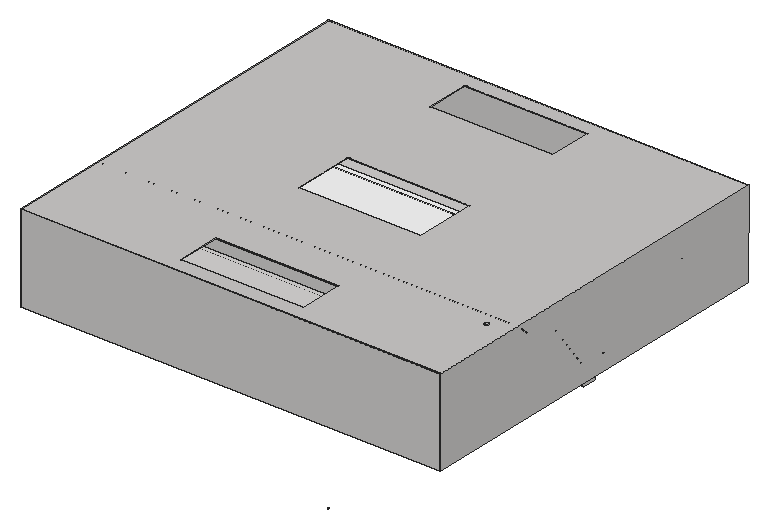
Revit family "QF_ELECTROLUXPROFESSIONAL_641267_STCF2224", category Specialty Equipment, Revit 2014
Reference planes
  plane 1: z = 0
  plane 2 "Center (Left/Right)": x = 150
  plane 3 "LEFT": x = -1050
  plane 4 "RIGHT": x = 1350
  plane 5 "BACK": y = 550
  plane 6 "TOP": z = 2500
  plane 7 "Base": z = 2000
  plane 8: z = 1955
  plane 9: x = -1047
  plane 10 "DrainX": x = 1230
  plane 11 "AOLeft2": x = 500
  plane 12: x = 1347
  plane 13: x = -850
  plane 14: x = 1150
  plane 15 "Center (Front/Back)": y = -550
  plane 16 "Front": y = -1650
  plane 17 "AOLeft1": x = -200
  plane 18 "EI_y": y = -1170
  plane 19 "EIx": x = 1230
  plane 20: y = 464
  plane 21: y = 214
  plane 22: y = -1564
  plane 23: y = -1314
  plane 24: y = -375
  plane 25: y = -725
Forms (mm)
  Extrusion 1, solid, material "QF_Finishes_Stainless Steel"
    sketch origin (-1050, 0, 360) x (0, 1, 0) y (0, 0, 1)
      loop
        line (550, 1640) -> (550, 2140) -> (-1650, 2140) -> (-1650, 1640) -> (550, 1640)
    from 0 to 3
  Extrusion 2, solid, material "QF_Finishes_Stainless Steel"
    sketch origin (1350, 0, 360) x (0, 1, 0) y (0, 0, 1)
      loop
        line (550, 1640) -> (550, 2140) -> (-1650, 2140) -> (-1650, 1640) -> (550, 1640)
    from 0 to -3
  Extrusion 3, solid, material "QF_Finishes_Stainless Steel"
    sketch origin (150, 0, 360) x (0, 1, 0) y (0, 0, 1)
      loop
        line (-1650, 2140) -> (-1650, 1640) -> (-1640, 1640) -> (-1640, 1640.8) -> (-1649.2, 1640.8) -> (-1649.2, 2139.19) -> (549.2, 2139.19) -> (549.2, 1640.8) -> (540, 1640.8) -> (540, 1640) -> (550, 1640) -> (550, 2140) -> (-1650, 2140)
    from -1200 to 1200
  Extrusion 4, solid, material "QF_Finishes_Stainless Steel"
    sketch origin (0, -840, 2000) x (0, 1, 0) y (-1, 0, 0)
      loop
        circle (290, -1230) r 4.763
    from -30 to 0
  Extrusion 5, void
    sketch origin (0, 0, 2500) x (0, 1, 0) y (-1, 0, 0)
      loop
        line (-1564, -500) -> (-1314, -500) -> (-1314, 200) -> (-1564, 200) -> (-1564, -500)
    from 0 to -10
  Extrusion 6, solid, material "QF_Finishes_Stainless Steel"
    sketch origin (0, 0, 0) x (1, 0, 0) y (0, 1, 0)
      loop
        line (-1050, 550) -> (-1050, 549) -> (-1049, 549) -> (-1049, 550) -> (-1050, 550)
    from 0 to 1
  Sweep 7, solid, material "QF_Finishes_Stainless Steel"
    path origin (0, 0, 0) x (1, 0, 0) y (0, 1, 0)
      loop
        line (1350, 550) -> (-1050, 550) -> (-1050, -1650) -> (1350, -1650) -> (1350, 550)
    profile origin (1350, -550, 0) x (1, 0, 0) y (0, 0, 1)
      loop
        line (-3, 2000) -> (-3, 2000.8) -> (-19, 2000.8) -> (-19, 2010) -> (-20, 2010) -> (-20, 2000) -> (-3, 2000)
  Extrusion 8, solid, material "QF_Finishes_Stainless Steel"
    sketch origin (150, -636.588, -19.176) x (0, 0.995194, 0.097925) y (0, -0.097925, 0.995194)
      loop
        line (214.66, 2095.469) -> (240.643, 2110.471) -> (61.744, 2411.771) -> (35.948, 2396.455) -> (214.66, 2095.469)
    from -1197 to -1000
  Extrusion 9, solid, material "QF_Finishes_Stainless Steel"
    sketch origin (1230, -840, 0) x (0, 1, 0) y (0, 0, 1)
      loop
        line (339, 2000) -> (241, 2000) -> (241, 1989) -> (248.5, 1989) -> (248.5, 1965)
        arc (248.5, 1965) -> (251.429, 1957.929) -> (258.5, 1955) r 10
        line (258.5, 1955) -> (321.5, 1955)
        arc (321.5, 1955) -> (328.571, 1957.929) -> (331.5, 1965) r 10
        line (331.5, 1965) -> (331.5, 1989) -> (339, 1989) -> (339, 2000)
    from 90 to -90
  Extrusion 10, solid, material "QF_Finishes_Stainless Steel"
    sketch origin (150, -636.588, -19.176) x (0, 0.995194, 0.097925) y (0, -0.097925, 0.995194)
      loop
        line (214.66, 2095.469) -> (240.643, 2110.471) -> (61.744, 2411.771) -> (35.948, 2396.455) -> (214.66, 2095.469)
    from 1000 to 1197
  Extrusion 11, solid, material "QF_Finished_Chrome"
    sketch origin (150, -636.588, -19.176) x (0, 0.995194, 0.097925) y (0, -0.097925, 0.995194)
      loop
        line (214.66, 2095.469) -> (240.643, 2110.471) -> (61.744, 2411.771) -> (35.948, 2396.455) -> (214.66, 2095.469)
    from -1000 to 1000
  Extrusion 12, void
    sketch origin (0, 1180, 2500) x (0, 1, 0) y (-1, 0, 0)
      loop
        line (-1555, -500) -> (-1555, 200) -> (-1905, 200) -> (-1905, -500) -> (-1555, -500)
    from 0 to -10
  Extrusion 13, solid, material "QF_Finishes_Stainless Steel"
    sketch origin (0, 0, 2500) x (0, 1, 0) y (-1, 0, 0)
      loop
        circle (-1170, -1230) r 10
    from 0 to 1.6
  Extrusion 14, solid, material "QF_LAMPS"
    sketch origin (150, -267.149, 218.369) x (0, 0.987229, -0.159309) y (0, 0.159309, 0.987229)
      loop
        line (-1250.105, 1928.62) -> (-1096.231, 2053.226) -> (-1104.529, 2063.269) -> (-1258.575, 1938.524) -> (-1250.105, 1928.62)
    from 1197 to -1197
  Extrusion 15, solid, material "QF_Finishes_Stainless Steel"
    sketch origin (150, 0, 360) x (0, 1, 0) y (0, 0, 1)
      loop
        line (-1650, 2139.19) -> (-1650, 1640) -> (-1586.602, 1640) -> (-1499.146, 1690.493) -> (-1510.058, 1709.394) -> (-1566.564, 1676.77) -> (-1614.704, 1680.982) -> (-1649.2, 1730.248) -> (-1649.2, 2139.19) -> (-1650, 2139.19)
      loop
        line (-1194.054, 1961.505) -> (-1200.838, 1972.631) -> (-1186.477, 1980.7) -> (-1186.477, 2127.391) -> (-1085.664, 2127.391) -> (-1029.871, 2072.95) -> (-1022.281, 2060.013) -> (-919.435, 2120.351) -> (-919.902, 2121.003) -> (-1021.996, 2061.107) -> (-1029.236, 2073.448) -> (-1085.338, 2128.191) -> (-1187.277, 2128.191) -> (-1187.277, 1982.446) -> (-1586.208, 1744.533) -> (-1576.362, 1728.386) -> (-1194.054, 1961.505)
    from -1197 to 1197
  Extrusion 16, void
    sketch origin (0, 814, 2500) x (0, 1, 0) y (-1, 0, 0)
      loop
        line (-600, -500) -> (-350, -500) -> (-350, 200) -> (-600, 200) -> (-600, -500)
    from 0 to -10
  Extrusion 17, solid, material "QF_Finishes_Stainless Steel"
    sketch origin (150, 0, 0) x (0, 1, 0) y (0, 0, 1)
      loop
        line (-628.158, 2087.242) -> (-603.769, 2104.716) -> (-811.314, 2387.05) -> (-835.486, 2369.281) -> (-628.158, 2087.242)
    from -1197 to -1000
  Extrusion 18, solid, material "QF_Finished_Chrome"
    sketch origin (150, 0, 0) x (0, 1, 0) y (0, 0, 1)
      loop
        line (-628.158, 2087.242) -> (-603.769, 2104.716) -> (-811.314, 2387.05) -> (-835.486, 2369.281) -> (-628.158, 2087.242)
    from -1000 to 1000
  Extrusion 19, solid, material "QF_Finishes_Stainless Steel"
    sketch origin (150, -870.88, 319.508) x (0, 0.995194, 0.097925) y (0, -0.097925, 0.995194)
      loop
        line (426.151, 1646.675) -> (483.9, 1640.993) -> (483.982, 1641.83) -> (426.613, 1647.475) -> (371.906, 1742.23) -> (414.858, 1734.657) -> (442.266, 1750.481) -> (442.266, 1765.943) -> (441.466, 1765.943) -> (441.466, 1750.943) -> (414.709, 1735.495) -> (321.153, 1751.991) -> (320.875, 1750.416) -> (371.4, 1741.507) -> (426.151, 1646.675)
      loop
        line (162.878, 2155.907) -> (242.893, 2017.316) -> (245.133, 2018.715) -> (240.13, 2027.381) -> (238.569, 2026.405) -> (163.571, 2156.307) -> (162.878, 2155.907)
    from -1197 to 1197
  Extrusion 20, solid, material "QF_Finishes_Stainless Steel"
    sketch origin (150, -463.412, -19.176) x (0, -0.995194, 0.097925) y (0, -0.097925, -0.995194)
      loop
        line (214.66, -2095.469) -> (35.948, -2396.455) -> (61.744, -2411.771) -> (240.643, -2110.471) -> (214.66, -2095.469)
    from 1000 to 1197
  Extrusion 21, solid, material "QF_Finishes_Stainless Steel"
    sketch origin (150, 0, 0) x (0, 1, 0) y (0, 0, 1)
      loop
        line (-471.842, 2087.242) -> (-264.514, 2369.281) -> (-288.686, 2387.05) -> (-496.231, 2104.716) -> (-471.842, 2087.242)
    from -1197 to -1000
  Extrusion 22, solid, material "QF_Finished_Chrome"
    sketch origin (150, 0, 0) x (0, 1, 0) y (0, 0, 1)
      loop
        line (-471.842, 2087.242) -> (-264.514, 2369.281) -> (-288.686, 2387.05) -> (-496.231, 2104.716) -> (-471.842, 2087.242)
    from -1000 to 1000
  Extrusion 23, solid, material "QF_Finishes_Stainless Steel"
    sketch origin (150, -229.12, 319.508) x (0, -0.995194, 0.097925) y (0, -0.097925, -0.995194)
      loop
        line (426.151, -1646.675) -> (371.4, -1741.507) -> (320.875, -1750.416) -> (321.153, -1751.991) -> (414.709, -1735.495) -> (441.466, -1750.943) -> (441.466, -1765.943) -> (442.266, -1765.943) -> (442.266, -1750.481) -> (414.858, -1734.657) -> (371.906, -1742.23) -> (426.613, -1647.475) -> (483.982, -1641.83) -> (483.9, -1640.993) -> (426.151, -1646.675)
      loop
        line (162.878, -2155.907) -> (163.571, -2156.307) -> (238.569, -2026.405) -> (240.13, -2027.381) -> (245.133, -2018.715) -> (242.893, -2017.316) -> (162.878, -2155.907)
    from -1197 to 1197
  Extrusion 24, solid, material "QF_LAMPS"
    sketch origin (150, -832.851, 218.369) x (0, -0.987229, -0.159309) y (0, 0.159309, -0.987229)
      loop
        line (-1250.105, -1928.62) -> (-1258.575, -1938.524) -> (-1104.529, -2063.269) -> (-1096.231, -2053.226) -> (-1250.105, -1928.62)
    from 1197 to -1197
  Extrusion 25, solid, material "QF_Finishes_Stainless Steel"
    sketch origin (150, -1100, 360) x (0, -1, 0) y (0, 0, -1)
      loop
        line (-1650, -2139.19) -> (-1649.2, -2139.19) -> (-1649.2, -1730.248) -> (-1614.704, -1680.982) -> (-1566.564, -1676.77) -> (-1510.058, -1709.394) -> (-1499.146, -1690.493) -> (-1586.602, -1640) -> (-1650, -1640) -> (-1650, -2139.19)
      loop
        line (-1194.054, -1961.505) -> (-1576.362, -1728.386) -> (-1586.208, -1744.533) -> (-1187.277, -1982.446) -> (-1187.277, -2128.191) -> (-1085.338, -2128.191) -> (-1029.236, -2073.448) -> (-1021.996, -2061.107) -> (-919.902, -2121.003) -> (-919.435, -2120.351) -> (-1022.281, -2060.013) -> (-1029.871, -2072.95) -> (-1085.664, -2127.391) -> (-1186.477, -2127.391) -> (-1186.477, -1980.7) -> (-1200.838, -1972.631) -> (-1194.054, -1961.505)
    from -1197 to 1197
Cuts and joins
  Extrusion 5, Extrusion 12, Extrusion 16 cuts Extrusion 3
  joined: Extrusion 2, Extrusion 3, Sweep 7
Lines and regions (mm)
  symbolic lines, style "SpecialityEquipment", detail levels coarse
    curve 1: line (1350, 550, 2500) -> (-1050, 550, 2500)
    curve 2: line (-1050, 550, 2500) -> (-1050, -1650, 2500)
    curve 3: line (1350, -1650, 2500) -> (1350, 550, 2500)
    curve 4: line (-1050, 550, 0) -> (1350, -1650, 0)
    curve 5: line (1350, 550, 0) -> (-1050, -1650, 0)
    curve 6: line (-1050, -1650, 0) -> (1350, -1650, 0)
  symbolic lines, detail levels coarse
    curve 7: line (-200, 464, 2500) -> (500, 464, 2500)
    curve 8: line (-200, 214, 2500) -> (-200, 464, 2500)
    curve 9: line (500, 214, 2500) -> (-200, 214, 2500)
    curve 10: line (500, 464, 2500) -> (500, 214, 2500)
    curve 11: line (-200, -375, 2500) -> (500, -375, 2500)
    curve 12: line (-200, -725, 2500) -> (-200, -375, 2500)
    curve 13: line (500, -725, 2500) -> (-200, -725, 2500)
    curve 14: line (500, -375, 2500) -> (500, -725, 2500)
    curve 15: line (-200, -1314, 2500) -> (500, -1314, 2500)
    curve 16: line (-200, -1564, 2500) -> (-200, -1314, 2500)
    curve 17: line (500, -1564, 2500) -> (-200, -1564, 2500)
    curve 18: line (500, -1314, 2500) -> (500, -1564, 2500)
Dimensions and locks
  plane 3 "LEFT" to plane 4 "RIGHT" = 2400 mm
  equal spacing: plane 3 "LEFT", plane 2 "Center (Left/Right)", plane 4 "RIGHT"
  plane 7 "Base" to plane 8 = 45 mm
  plane 3 "LEFT" to plane 9 = 3 mm
  plane 10 "DrainX" to plane 4 "RIGHT" = 120 mm
  plane 12 to plane 4 "RIGHT" = 3 mm
  plane 3 "LEFT" to plane 13 = 200 mm
  plane 14 to plane 4 "RIGHT" = 200 mm
  locked: plane 7 "Base" to level at 2000
  locked: plane 6 "TOP" to plane 7 "Base" at 500
  locked: plane 17 "AOLeft1" to plane 11 "AOLeft2" at 700
  locked: plane 18 "EI_y" to plane 16 "Front" at 480
  locked: plane 19 "EIx" to plane 4 "RIGHT" at 120
  locked: plane 5 "BACK" to plane 20 at 86
  plane 20 to plane 21 = 250 mm
  locked: plane 22 to plane 16 "Front" at 86
  locked: plane 22 to plane 23 at 250
  plane 24 to plane 15 "Center (Front/Back)" = 175 mm
  plane 15 "Center (Front/Back)" to plane 25 = 175 mm
  plane 24 to plane 25 = 350 mm
  locked: plane 5 "BACK" to plane 16 "Front" at 2200
  plane 5 "BACK" to plane 15 "Center (Front/Back)" to plane 16 "Front" = 1100 mm, 1100 mm
  plane 5 "BACK" to plane 16 "Front" = 2200 mm
  equal spacing: plane 17 "AOLeft1", plane 2 "Center (Left/Right)", plane 11 "AOLeft2"
  aligned and locked: level to plane 1
  aligned and locked: plane 4 "RIGHT" to Extrusion 3
  aligned and locked: Extrusion 3 to plane 3 "LEFT"
  aligned and locked: Extrusion 2 to plane 12
  aligned and locked: Extrusion 8 to plane 9
  aligned and locked: plane 17 "AOLeft1" to Extrusion 5
  aligned and locked: Extrusion 5 to plane 11 "AOLeft2"
  aligned and locked: plane 13 to Extrusion 8
  aligned and locked: plane 14 to Extrusion 10
  aligned and locked: plane 12 to Extrusion 10
  aligned and locked: Extrusion 11 to plane 13
  aligned and locked: Extrusion 11 to plane 14
  aligned and locked: Extrusion 12 to plane 17 "AOLeft1"
  aligned and locked: Extrusion 12 to plane 11 "AOLeft2"
  aligned and locked: plane 22 to Extrusion 5
  aligned and locked: Extrusion 5 to plane 23
  aligned and locked: Extrusion 16 to plane 17 "AOLeft1"
  aligned and locked: Extrusion 16 to plane 11 "AOLeft2"
  aligned and locked: plane 24 to Extrusion 12
  aligned and locked: Extrusion 12 to plane 25
  aligned and locked: plane 20 to Extrusion 16
  aligned and locked: Extrusion 16 to plane 21
  aligned and locked: Extrusion 15 to plane 9
  aligned and locked: Extrusion 14 to plane 9
  aligned and locked: Extrusion 14 to plane 12
  aligned and locked: Extrusion 15 to plane 12
  aligned and locked: Extrusion 25 to plane 9
  aligned and locked: Extrusion 24 to plane 9
  aligned and locked: Extrusion 23 to plane 9
  aligned and locked: plane 9 to Extrusion 17
  aligned and locked: Extrusion 19 to plane 9
  aligned and locked: plane 13 to Extrusion 17
  aligned and locked: Extrusion 22 to plane 13
  aligned and locked: plane 12 to Extrusion 19
  aligned and locked: plane 12 to Extrusion 23
  aligned and locked: plane 12 to Extrusion 25
  aligned and locked: Extrusion 20 to plane 12
  aligned and locked: plane 12 to Extrusion 24
  aligned and locked: Extrusion 18 to plane 13
  aligned and locked: Extrusion 18 to plane 14
  aligned and locked: plane 14 to Extrusion 20
  aligned and locked: Extrusion 22 to plane 14
  aligned and locked: plane 13 to Extrusion 21
  aligned and locked: Extrusion 21 to plane 9
Automatic sketch dimensions
  curve 6 to plane 3 "LEFT" = 0 mm
  curve 4 to plane 3 "LEFT" = 0 mm
  curve 5 to plane 4 "RIGHT" = 0 mm
  curve 6 to plane 4 "RIGHT" = 0 mm
  curve 4 to plane 16 "Front" = 0 mm
  curve 5 to plane 5 "BACK" = 0 mm
  curve 4 to plane 5 "BACK" = 0 mm
  Extrusion 1 sketch curve to plane 7 "Base" = 0 mm
  Extrusion 1 sketch curve to plane 16 "Front" = 0 mm
  Extrusion 1 sketch curve to plane 5 "BACK" = 0 mm
  Extrusion 1 sketch curve to plane 6 "TOP" = 0 mm
  Extrusion 2 sketch curve to plane 7 "Base" = 0 mm
  Extrusion 2 sketch curve to plane 16 "Front" = 0 mm
  Extrusion 2 sketch curve to plane 5 "BACK" = 0 mm
  Extrusion 2 sketch curve to plane 6 "TOP" = 0 mm
  Extrusion 3 sketch curve to plane 6 "TOP" = 0 mm
  Extrusion 3 sketch curve to plane 16 "Front" = 0 mm
  Extrusion 3 sketch curve to plane 7 "Base" = 0 mm  (x2)
  Extrusion 3 sketch curve to plane 5 "BACK" = 0 mm
  plane 16 "Front" to Extrusion 3 sketch curve = 0.8 mm
  Extrusion 3 sketch curve to Extrusion 3 sketch curve = 9.2 mm
  plane 7 "Base" to Extrusion 3 sketch curve = 0.8 mm  (x2)
  Extrusion 3 sketch curve to plane 5 "BACK" = 10 mm
  Extrusion 3 sketch curve to plane 5 "BACK" = 0.8 mm
  Extrusion 3 sketch curve to plane 6 "TOP" = 0.81 mm
  Extrusion 4 sketch curve to plane 10 "DrainX" = 0 mm
  Extrusion 4 sketch curve to plane 15 "Center (Front/Back)" = 0 mm
  Extrusion 5 sketch curve to plane 17 "AOLeft1" = 0 mm
  plane 22 to Extrusion 5 sketch curve = 0 mm
  Extrusion 5 sketch curve to plane 11 "AOLeft2" = 0 mm
  plane 23 to Extrusion 5 sketch curve = 0 mm
  Extrusion 6 sketch curve to plane 3 "LEFT" = 0 mm
  Extrusion 6 sketch curve to plane 5 "BACK" = 0 mm
  plane 3 "LEFT" to Extrusion 6 sketch curve = 1 mm
  Extrusion 6 sketch curve to Extrusion 6 sketch curve = 1 mm
  Sweep 7 sketch curve to plane 3 "LEFT" = 0 mm
  Sweep 7 sketch curve to plane 4 "RIGHT" = 0 mm
  Sweep 7 sketch curve to plane 16 "Front" = 0 mm
  Sweep 7 sketch curve to plane 5 "BACK" = 0 mm
  profile plane to Sweep 7 sketch curve = 20 mm
  Sweep 7 sketch curve to Sweep 7 sketch curve = 1 mm
  profile plane to Sweep 7 sketch curve = 3 mm
  level to Sweep 7 sketch curve = 2000 mm
  Sweep 7 sketch curve to Sweep 7 sketch curve = 0.8 mm
  Sweep 7 sketch curve to Sweep 7 sketch curve = 9.2 mm
  Extrusion 8 sketch curve to plane 25 = 110.486 mm
  Extrusion 8 sketch curve to plane 6 "TOP" = 130.719 mm
  Extrusion 8 sketch curve to Extrusion 8 sketch curve = 25.795 mm
  Extrusion 8 sketch curve to Extrusion 8 sketch curve = 178.712 mm
  Extrusion 8 sketch curve to Extrusion 8 sketch curve = 25.983 mm
  Extrusion 8 sketch curve to Extrusion 8 sketch curve = 285.985 mm
  Extrusion 8 sketch curve to Extrusion 8 sketch curve = 15.001 mm
  Extrusion 8 sketch curve to Extrusion 8 sketch curve = 15.316 mm
  Extrusion 9 sketch curve to plane 8 = 0 mm
  Extrusion 9 sketch curve to plane 7 "Base" = 11 mm  (x2)
  Extrusion 9 sketch curve to plane 15 "Center (Front/Back)" = 49 mm
  Extrusion 9 sketch curve to Extrusion 9 sketch curve = 7.5 mm  (x2)
  plane 8 to Extrusion 9 sketch curve = 10 mm
  plane 15 "Center (Front/Back)" to Extrusion 9 sketch curve = 31.5 mm
  Extrusion 9 sketch curve to Extrusion 9 sketch curve = 10 mm
  plane 7 "Base" to Extrusion 9 sketch curve = 0 mm
  Extrusion 10 sketch curve to plane 25 = 110.486 mm
  Extrusion 10 sketch curve to plane 6 "TOP" = 130.719 mm
  Extrusion 10 sketch curve to Extrusion 10 sketch curve = 25.795 mm
  Extrusion 10 sketch curve to Extrusion 10 sketch curve = 178.712 mm
  Extrusion 10 sketch curve to Extrusion 10 sketch curve = 25.983 mm
  Extrusion 10 sketch curve to Extrusion 10 sketch curve = 285.985 mm
  Extrusion 10 sketch curve to Extrusion 10 sketch curve = 15.001 mm
  Extrusion 10 sketch curve to Extrusion 10 sketch curve = 15.316 mm
  Extrusion 11 sketch curve to plane 25 = 110.486 mm
  Extrusion 11 sketch curve to plane 6 "TOP" = 130.719 mm
  Extrusion 11 sketch curve to Extrusion 11 sketch curve = 25.795 mm
  Extrusion 11 sketch curve to Extrusion 11 sketch curve = 178.712 mm
  Extrusion 11 sketch curve to Extrusion 11 sketch curve = 25.983 mm
  Extrusion 11 sketch curve to Extrusion 11 sketch curve = 285.985 mm
  Extrusion 11 sketch curve to Extrusion 11 sketch curve = 15.001 mm
  Extrusion 11 sketch curve to Extrusion 11 sketch curve = 15.316 mm
  Extrusion 12 sketch curve to plane 11 "AOLeft2" = 0 mm
  Extrusion 12 sketch curve to plane 25 = 0 mm
  Extrusion 12 sketch curve to plane 24 = 0 mm
  Extrusion 12 sketch curve to plane 17 "AOLeft1" = 0 mm
  Extrusion 13 sketch curve to plane 18 "EI_y" = 0 mm
  Extrusion 13 sketch curve to plane 19 "EIx" = 0 mm
  Extrusion 14 sketch curve to plane 18 "EI_y" = 30.826 mm
  Extrusion 14 sketch curve to plane 6 "TOP" = 167.362 mm
  Extrusion 14 sketch curve to Extrusion 14 sketch curve = 8.47 mm
  Extrusion 14 sketch curve to Extrusion 14 sketch curve = 154.047 mm
  Extrusion 14 sketch curve to Extrusion 14 sketch curve = 8.298 mm
  Extrusion 14 sketch curve to Extrusion 14 sketch curve = 9.904 mm
  Extrusion 14 sketch curve to Extrusion 14 sketch curve = 124.605 mm
  Extrusion 14 sketch curve to Extrusion 14 sketch curve = 10.043 mm
  Extrusion 15 sketch curve to plane 16 "Front" = 0 mm
  Extrusion 15 sketch curve to plane 7 "Base" = 0 mm
  plane 16 "Front" to Extrusion 15 sketch curve = 0.8 mm
  plane 16 "Front" to Extrusion 15 sketch curve = 35.296 mm
  plane 22 to Extrusion 15 sketch curve = 22.602 mm
  plane 22 to Extrusion 15 sketch curve = 22.208 mm
  plane 22 to Extrusion 15 sketch curve = 12.362 mm
  plane 22 to Extrusion 15 sketch curve = 2.564 mm
  Extrusion 15 sketch curve to plane 22 = 53.942 mm
  Extrusion 15 sketch curve to Extrusion 15 sketch curve = 10.912 mm
  Extrusion 15 sketch curve to plane 18 "EI_y" = 30.838 mm
  Extrusion 15 sketch curve to Extrusion 15 sketch curve = 6.784 mm
  Extrusion 15 sketch curve to Extrusion 15 sketch curve = 13.561 mm
  Extrusion 15 sketch curve to Extrusion 15 sketch curve = 0.8 mm  (x2)
  Extrusion 15 sketch curve to plane 6 "TOP" = 12.609 mm
  plane 18 "EI_y" to Extrusion 15 sketch curve = 84.336 mm
  Extrusion 15 sketch curve to Extrusion 15 sketch curve = 0.326 mm
  Extrusion 15 sketch curve to plane 6 "TOP" = 67.05 mm
  Extrusion 15 sketch curve to Extrusion 15 sketch curve = 55.793 mm
  Extrusion 15 sketch curve to plane 6 "TOP" = 66.552 mm
  Extrusion 15 sketch curve to Extrusion 15 sketch curve = 0.636 mm
  Extrusion 15 sketch curve to Extrusion 15 sketch curve = 7.59 mm
  Extrusion 15 sketch curve to plane 6 "TOP" = 78.893 mm
  Extrusion 15 sketch curve to Extrusion 15 sketch curve = 0.285 mm
  Extrusion 15 sketch curve to plane 6 "TOP" = 18.997 mm
  Extrusion 15 sketch curve to plane 6 "TOP" = 19.649 mm
  Extrusion 15 sketch curve to Extrusion 15 sketch curve = 0.467 mm
  plane 7 "Base" to Extrusion 15 sketch curve = 36.77 mm
  plane 7 "Base" to Extrusion 15 sketch curve = 40.982 mm
  plane 7 "Base" to Extrusion 15 sketch curve = 50.493 mm
  Extrusion 15 sketch curve to Extrusion 15 sketch curve = 18.901 mm
  Extrusion 15 sketch curve to Extrusion 15 sketch curve = 51.616 mm
  Extrusion 15 sketch curve to Extrusion 15 sketch curve = 49.266 mm
  Extrusion 15 sketch curve to Extrusion 15 sketch curve = 16.147 mm
  Extrusion 15 sketch curve to Extrusion 15 sketch curve = 165.885 mm
  Extrusion 15 sketch curve to Extrusion 15 sketch curve = 8.069 mm
  Extrusion 15 sketch curve to Extrusion 15 sketch curve = 1.746 mm
  Extrusion 15 sketch curve to Extrusion 15 sketch curve = 1.094 mm
  Extrusion 15 sketch curve to plane 6 "TOP" = 0.81 mm
  plane 17 "AOLeft1" to Extrusion 16 sketch curve = 0 mm
  Extrusion 16 sketch curve to plane 21 = 0 mm
  Extrusion 16 sketch curve to plane 11 "AOLeft2" = 0 mm
  Extrusion 16 sketch curve to plane 20 = 0 mm
  Extrusion 19 sketch curve to plane 6 "TOP" = 18.997 mm
  Extrusion 19 sketch curve to plane 25 = 194.902 mm
  Extrusion 19 sketch curve to Extrusion 19 sketch curve = 0.693 mm
  Extrusion 19 sketch curve to Extrusion 19 sketch curve = 74.998 mm
  Extrusion 19 sketch curve to Extrusion 19 sketch curve = 1.561 mm
  Extrusion 19 sketch curve to Extrusion 19 sketch curve = 4.324 mm
  Extrusion 19 sketch curve to Extrusion 19 sketch curve = 2.24 mm
  Extrusion 19 sketch curve to Extrusion 19 sketch curve = 77.982 mm
  Extrusion 19 sketch curve to Extrusion 19 sketch curve = 0.278 mm
  Extrusion 19 sketch curve to Extrusion 19 sketch curve = 50.525 mm
  Extrusion 19 sketch curve to Extrusion 19 sketch curve = 0.506 mm
  Extrusion 19 sketch curve to Extrusion 19 sketch curve = 42.803 mm
  Extrusion 19 sketch curve to Extrusion 19 sketch curve = 0.148 mm
  Extrusion 19 sketch curve to Extrusion 19 sketch curve = 11.294 mm
  Extrusion 19 sketch curve to Extrusion 19 sketch curve = 0.462 mm  (x2)
  Extrusion 19 sketch curve to Extrusion 19 sketch curve = 57.287 mm
  Extrusion 19 sketch curve to Extrusion 19 sketch curve = 0.082 mm
  Extrusion 19 sketch curve to Extrusion 19 sketch curve = 26.757 mm
  Extrusion 19 sketch curve to Extrusion 19 sketch curve = 0.8 mm
  Extrusion 19 sketch curve to Extrusion 19 sketch curve = 128.526 mm
  Extrusion 19 sketch curve to Extrusion 19 sketch curve = 0.975 mm
  Extrusion 19 sketch curve to Extrusion 19 sketch curve = 1.399 mm
  Extrusion 19 sketch curve to Extrusion 19 sketch curve = 252.773 mm
  Extrusion 19 sketch curve to Extrusion 19 sketch curve = 13.951 mm
  Extrusion 19 sketch curve to Extrusion 19 sketch curve = 15 mm
  Extrusion 19 sketch curve to Extrusion 19 sketch curve = 1.575 mm
  Extrusion 19 sketch curve to Extrusion 19 sketch curve = 0.723 mm
  Extrusion 19 sketch curve to Extrusion 19 sketch curve = 0.838 mm
  Extrusion 19 sketch curve to Extrusion 19 sketch curve = 87.182 mm
  Extrusion 19 sketch curve to Extrusion 19 sketch curve = 5.645 mm
  Extrusion 20 sketch curve to plane 24 = 110.486 mm
  plane 6 "TOP" to Extrusion 20 sketch curve = 130.719 mm
  Extrusion 20 sketch curve to Extrusion 20 sketch curve = 25.795 mm
  Extrusion 20 sketch curve to Extrusion 20 sketch curve = 178.712 mm
  Extrusion 20 sketch curve to Extrusion 20 sketch curve = 25.983 mm
  Extrusion 20 sketch curve to Extrusion 20 sketch curve = 285.985 mm
  Extrusion 20 sketch curve to Extrusion 20 sketch curve = 15.001 mm
  Extrusion 20 sketch curve to Extrusion 20 sketch curve = 15.316 mm
  Extrusion 23 sketch curve to plane 6 "TOP" = 18.997 mm
  plane 24 to Extrusion 23 sketch curve = 194.902 mm
  Extrusion 23 sketch curve to Extrusion 23 sketch curve = 0.693 mm
  Extrusion 23 sketch curve to Extrusion 23 sketch curve = 74.998 mm
  Extrusion 23 sketch curve to Extrusion 23 sketch curve = 1.561 mm
  Extrusion 23 sketch curve to Extrusion 23 sketch curve = 4.324 mm
  Extrusion 23 sketch curve to Extrusion 23 sketch curve = 2.24 mm
  Extrusion 23 sketch curve to Extrusion 23 sketch curve = 77.982 mm
  Extrusion 23 sketch curve to Extrusion 23 sketch curve = 0.278 mm
  Extrusion 23 sketch curve to Extrusion 23 sketch curve = 50.525 mm
  Extrusion 23 sketch curve to Extrusion 23 sketch curve = 0.506 mm
  Extrusion 23 sketch curve to Extrusion 23 sketch curve = 42.803 mm
  Extrusion 23 sketch curve to Extrusion 23 sketch curve = 0.148 mm
  Extrusion 23 sketch curve to Extrusion 23 sketch curve = 11.294 mm
  Extrusion 23 sketch curve to Extrusion 23 sketch curve = 0.462 mm  (x2)
  Extrusion 23 sketch curve to Extrusion 23 sketch curve = 57.287 mm
  Extrusion 23 sketch curve to Extrusion 23 sketch curve = 0.082 mm
  Extrusion 23 sketch curve to Extrusion 23 sketch curve = 26.757 mm
  Extrusion 23 sketch curve to Extrusion 23 sketch curve = 0.8 mm
  Extrusion 23 sketch curve to Extrusion 23 sketch curve = 0.4 mm
  Extrusion 23 sketch curve to Extrusion 23 sketch curve = 0.975 mm
  Extrusion 23 sketch curve to Extrusion 23 sketch curve = 1.399 mm
  Extrusion 23 sketch curve to Extrusion 23 sketch curve = 252.773 mm
  Extrusion 23 sketch curve to Extrusion 23 sketch curve = 13.951 mm
  Extrusion 23 sketch curve to Extrusion 23 sketch curve = 15 mm
  Extrusion 23 sketch curve to Extrusion 23 sketch curve = 1.575 mm
  Extrusion 23 sketch curve to Extrusion 23 sketch curve = 0.723 mm
  Extrusion 23 sketch curve to Extrusion 23 sketch curve = 0.838 mm
  Extrusion 23 sketch curve to Extrusion 23 sketch curve = 87.182 mm
  Extrusion 23 sketch curve to Extrusion 23 sketch curve = 5.645 mm
  plane 21 to Extrusion 24 sketch curve = 113.174 mm
  plane 6 "TOP" to Extrusion 24 sketch curve = 167.362 mm
  Extrusion 24 sketch curve to Extrusion 24 sketch curve = 8.47 mm
  Extrusion 24 sketch curve to Extrusion 24 sketch curve = 154.047 mm
  Extrusion 24 sketch curve to Extrusion 24 sketch curve = 8.298 mm
  Extrusion 24 sketch curve to Extrusion 24 sketch curve = 9.904 mm
  Extrusion 24 sketch curve to Extrusion 24 sketch curve = 124.605 mm
  Extrusion 24 sketch curve to Extrusion 24 sketch curve = 10.043 mm
  Extrusion 25 sketch curve to plane 5 "BACK" = 0 mm
  Extrusion 25 sketch curve to plane 7 "Base" = 0 mm
  Extrusion 25 sketch curve to Extrusion 25 sketch curve = 0.8 mm  (x3)
  plane 5 "BACK" to Extrusion 25 sketch curve = 35.296 mm
  Extrusion 25 sketch curve to plane 20 = 22.602 mm
  Extrusion 25 sketch curve to plane 20 = 22.208 mm
  Extrusion 25 sketch curve to plane 20 = 12.362 mm
  Extrusion 25 sketch curve to plane 20 = 2.564 mm
  plane 20 to Extrusion 25 sketch curve = 53.942 mm
  Extrusion 25 sketch curve to Extrusion 25 sketch curve = 10.912 mm
  plane 21 to Extrusion 25 sketch curve = 113.162 mm
  Extrusion 25 sketch curve to Extrusion 25 sketch curve = 6.784 mm
  Extrusion 25 sketch curve to Extrusion 25 sketch curve = 13.561 mm
  plane 6 "TOP" to Extrusion 25 sketch curve = 12.609 mm
  Extrusion 25 sketch curve to Extrusion 25 sketch curve = 100.813 mm
  Extrusion 25 sketch curve to Extrusion 25 sketch curve = 0.326 mm
  plane 6 "TOP" to Extrusion 25 sketch curve = 67.05 mm
  Extrusion 25 sketch curve to Extrusion 25 sketch curve = 55.793 mm
  plane 6 "TOP" to Extrusion 25 sketch curve = 66.552 mm
  Extrusion 25 sketch curve to Extrusion 25 sketch curve = 0.636 mm
  plane 6 "TOP" to Extrusion 25 sketch curve = 79.987 mm
  Extrusion 25 sketch curve to Extrusion 25 sketch curve = 7.59 mm
  plane 6 "TOP" to Extrusion 25 sketch curve = 78.893 mm
  Extrusion 25 sketch curve to Extrusion 25 sketch curve = 0.285 mm
  plane 6 "TOP" to Extrusion 25 sketch curve = 18.997 mm
  plane 6 "TOP" to Extrusion 25 sketch curve = 19.649 mm
  Extrusion 25 sketch curve to Extrusion 25 sketch curve = 0.467 mm
  Extrusion 25 sketch curve to plane 7 "Base" = 36.77 mm
  Extrusion 25 sketch curve to plane 7 "Base" = 40.982 mm
  Extrusion 25 sketch curve to plane 7 "Base" = 50.493 mm
  Extrusion 25 sketch curve to Extrusion 25 sketch curve = 18.901 mm
  Extrusion 25 sketch curve to Extrusion 25 sketch curve = 51.616 mm
  Extrusion 25 sketch curve to Extrusion 25 sketch curve = 49.266 mm
  Extrusion 25 sketch curve to Extrusion 25 sketch curve = 16.147 mm
  Extrusion 25 sketch curve to Extrusion 25 sketch curve = 165.885 mm
  Extrusion 25 sketch curve to Extrusion 25 sketch curve = 8.069 mm
  Extrusion 25 sketch curve to Extrusion 25 sketch curve = 1.746 mm
  plane 6 "TOP" to Extrusion 25 sketch curve = 0.81 mm
  Extrusion 18 sketch curve to plane 25 = 110.486 mm
  Extrusion 18 sketch curve to Extrusion 18 sketch curve = 24.172 mm
  Extrusion 18 sketch curve to plane 15 "Center (Front/Back)" = 78.158 mm
  Extrusion 18 sketch curve to Extrusion 18 sketch curve = 24.389 mm
  plane 7 "Base" to Extrusion 18 sketch curve = 87.242 mm
  Extrusion 18 sketch curve to Extrusion 18 sketch curve = 17.473 mm
  Extrusion 18 sketch curve to plane 6 "TOP" = 130.719 mm
  Extrusion 18 sketch curve to Extrusion 18 sketch curve = 17.769 mm
  Extrusion 17 sketch curve to plane 25 = 110.486 mm
  Extrusion 17 sketch curve to Extrusion 17 sketch curve = 24.172 mm
  Extrusion 17 sketch curve to plane 15 "Center (Front/Back)" = 78.158 mm
  Extrusion 17 sketch curve to Extrusion 17 sketch curve = 24.389 mm
  plane 7 "Base" to Extrusion 17 sketch curve = 87.242 mm
  Extrusion 17 sketch curve to Extrusion 17 sketch curve = 17.473 mm
  Extrusion 17 sketch curve to plane 6 "TOP" = 130.719 mm
  Extrusion 17 sketch curve to Extrusion 17 sketch curve = 17.769 mm
  plane 15 "Center (Front/Back)" to Extrusion 21 sketch curve = 53.769 mm
  Extrusion 21 sketch curve to Extrusion 21 sketch curve = 24.389 mm
  plane 24 to Extrusion 21 sketch curve = 86.314 mm
  Extrusion 21 sketch curve to Extrusion 21 sketch curve = 24.172 mm
  plane 7 "Base" to Extrusion 21 sketch curve = 87.242 mm
  Extrusion 21 sketch curve to Extrusion 21 sketch curve = 17.473 mm
  Extrusion 21 sketch curve to plane 6 "TOP" = 130.719 mm
  Extrusion 21 sketch curve to Extrusion 21 sketch curve = 17.769 mm
  plane 15 "Center (Front/Back)" to Extrusion 22 sketch curve = 53.769 mm
  Extrusion 22 sketch curve to Extrusion 22 sketch curve = 24.389 mm
  plane 24 to Extrusion 22 sketch curve = 86.314 mm
  Extrusion 22 sketch curve to Extrusion 22 sketch curve = 24.172 mm
  plane 7 "Base" to Extrusion 22 sketch curve = 87.242 mm
  Extrusion 22 sketch curve to Extrusion 22 sketch curve = 17.473 mm
  Extrusion 22 sketch curve to plane 6 "TOP" = 130.719 mm
  Extrusion 22 sketch curve to Extrusion 22 sketch curve = 17.769 mm
  curve 2 to plane 3 "LEFT" = 0 mm
  curve 2 to plane 16 "Front" = 0 mm
  curve 3 to plane 4 "RIGHT" = 0 mm
  curve 3 to plane 16 "Front" = 0 mm
  curve 17 to plane 17 "AOLeft1" = 0 mm
  plane 22 to curve 17 = 0 mm
  plane 23 to curve 16 = 0 mm
  curve 12 to plane 17 "AOLeft1" = 0 mm
  curve 12 to plane 25 = 0 mm
  curve 11 to plane 11 "AOLeft2" = 0 mm
  curve 11 to plane 24 = 0 mm
  curve 8 to plane 17 "AOLeft1" = 0 mm
  curve 8 to plane 21 = 0 mm
  curve 8 to plane 20 = 0 mm
  curve 2 to plane 5 "BACK" = 0 mm
  curve 15 to plane 11 "AOLeft2" = 0 mm
  curve 7 to plane 11 "AOLeft2" = 0 mm
  radius of Extrusion 4 sketch curve = 4.763 mm
  radius of Extrusion 13 sketch curve = 10 mm
Connectors
  piping at (1230, -550, 1970), diameter 9.5
    settings: on Extrusion 4, index 1, connector inside diameter 609.6 mm, connector length 0 mm, flow factor 0, pipe flow 0.0 L/s, pressure drop 0.0 Pa, fitting loss kfactor 0, connector angle 0.00°, fixture units 0, engagement length 0 mm, angle of deflection 0.00°, flow configuration 1, flow direction 2, fitting loss method 0, system type 16, joint type 0, gender type 0, connector reference index -1, connector utility 0, adjustable connector no, is connector primary yes, connector description "Drain"
  hvac at (150, -1439, 2500)
    settings: on Extrusion 5, index 2, duct flow 0.0 L/s, flow factor 0, pres drop 0.0 Pa, loss coef 0, conn angle 0.00°, conn width 250 mm, conn height 700 mm, conn diameter 609.6 mm, duct sys type 1, conn prof type 1, flow config 1, flow direction 1, loss method 0, conn ref index -1, conn util no, is conn primary yes, conn desc "AIR INLET"
  hvac at (150, -550, 2500)
    settings: on Extrusion 12, index 4, duct flow 0.0 L/s, flow factor 0, pres drop 0.0 Pa, loss coef 0, conn angle 0.00°, conn width 350 mm, conn height 700 mm, conn diameter 609.6 mm, duct sys type 3, conn prof type 1, flow config 1, flow direction 2, loss method 0, conn ref index -1, conn util no, is conn primary no, conn desc "EXHAUST OUTLET"
  electrical at (1230, -1170, 2501.6)
    settings: on Extrusion 13, index 6, voltage 0 V, apparent load 0 VA, apparent load phase1 0 VA, apparent load phase2 0 VA, apparent load phase3 0 VA, power factor 1, load classification "Other", number of poles 1, system type 30, power factor state 1, is connector primary yes, connector utility no, sub classification motor no, connector description "Electrical Connection"
  hvac at (150, 339, 2500)
    settings: on Extrusion 16, index 7, duct flow 0.0 L/s, flow factor 0, pres drop 0.0 Pa, loss coef 0, conn angle 0.00°, conn width 250 mm, conn height 700 mm, conn diameter 609.6 mm, duct sys type 1, conn prof type 1, flow config 1, flow direction 1, loss method 0, conn ref index -1, conn util no, is conn primary no, conn desc "AIR INLET"
